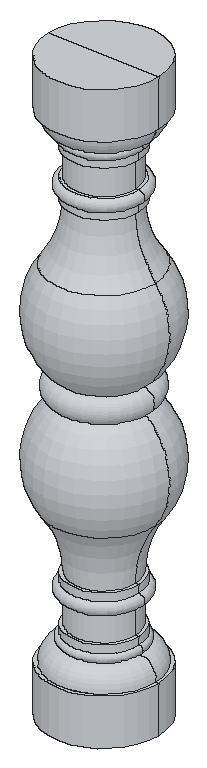
Revit family
Parameters (values of type "Balustrade J22")
  Width = 0' - 4 1/8"
  URL = "www.strombergarchitectural.com"
  Top Material = none
  Submittal Sheet = "www.strombergarchitectural.com/images/materials/gfrc/submittal/gfrc-submittal-sheet.pdf"
  Specifications = "www.strombergarchitectural.com/gfrcspecifications"
  Model Cut-sheet = "http://www.strombergarchitectural.com/products/balustrade/design/J22"
  Model = "Balustrade J22"
  Manufacturer = "Stromberg Architectural Products"
  Guidebook = "www.strombergarchitectural.com/images/materials/gfrc/handbooks/gfrc_guidebook.pdf   \r\n(http://www.strombergarchitectural.com/images/materials/gfrc/handbooks/gfrc_guidebook.pdf"
  Description = "GFRC Baluster"
  Assembly Code = ""
  Height = 1' - 10"
  XXX.5 = no
  XXX.4 = no
  XXX.3 = no
  XXX.2 = no
  XXX.1 = yes
Reference planes (in)
  plane 1 "Center (Front/Back)": y = 3.74847
  plane 2: z = 0
  plane 3 "Center (Left/Right)": x = 0.7278
  plane 4 "Front": y = -3.25153
  plane 5 "Back": y = 10.74847
  plane 6 "Left": x = -17.2722
  plane 7 "Right": x = 18.7278
Forms (in)
  Revolve 1, solid
    sketch origin (0, 3.74847, 0) x (1, 0, 0) y (0, 0, 1)
      loop
        line (0.7278, 22) -> (-1.3347, 22) -> (-1.3347, 20.26316) -> (-1.2097, 20.26316)
        spline (-1.2097, 20.26316) -> (-1.20435, 20.1687) -> (-1.1884, 20.07585) -> (-1.16212, 19.98622) -> (-1.12597, 19.90132) -> (-1.08055, 19.82261) -> (-1.02664, 19.75144) -> (-0.96518, 19.68902) -> (-0.8972, 19.63643) -> (-0.82388, 19.59456) -> (-0.74646, 19.56413) -> (-0.66628, 19.54566) -> (-0.5847, 19.53947)
        spline (-0.5847, 19.53947) -> (-0.61705, 19.53454) -> (-0.6472, 19.52008) -> (-0.67309, 19.49708) -> (-0.69295, 19.46711) -> (-0.70544, 19.4322) -> (-0.7097, 19.39474) -> (-0.70544, 19.35728) -> (-0.69295, 19.32237) -> (-0.67309, 19.29239) -> (-0.6472, 19.26939) -> (-0.61705, 19.25493) -> (-0.5847, 19.25)
        line (-0.5847, 19.25) -> (-0.5847, 18.96053) -> (-0.4597, 18.96053) -> (-0.4597, 17.94737) -> (-0.5847, 17.94737)
        spline (-0.5847, 17.94737) -> (-0.63323, 17.93997) -> (-0.67845, 17.91828) -> (-0.71728, 17.88378) -> (-0.74708, 17.83882) -> (-0.76581, 17.78645) -> (-0.7722, 17.73026) -> (-0.76581, 17.67407) -> (-0.74708, 17.62171) -> (-0.71728, 17.57675) -> (-0.67845, 17.54224) -> (-0.63323, 17.52056) -> (-0.5847, 17.51316)
        line (-0.5847, 17.51316) -> (-0.5847, 17.22368) -> (-0.4597, 17.22368)
        spline (-0.4597, 17.22368) -> (-0.46726, 17.0246) -> (-0.48533, 16.82643) -> (-0.51383, 16.62991) -> (-0.55265, 16.43577) -> (-0.60165, 16.24474) -> (-0.66065, 16.05754) -> (-0.72942, 15.87487) -> (-0.80772, 15.69741) -> (-0.89523, 15.52583) -> (-0.99165, 15.36077) -> (-1.0966, 15.20284) -> (-1.2097, 15.05263)
        spline (-1.2097, 15.05263) -> (-1.38813, 14.77692) -> (-1.53101, 14.47471) -> (-1.63545, 14.1521) -> (-1.69935, 13.8156) -> (-1.72142, 13.47202) -> (-1.7012, 13.12829) -> (-1.63912, 12.79134) -> (-1.53641, 12.46798) -> (-1.39516, 12.16474) -> (-1.21822, 11.88775) -> (-1.00916, 11.64259) -> (-0.7722, 11.43421)
        spline (-0.7722, 11.43421) -> (-0.86926, 11.41942) -> (-0.9597, 11.37604) -> (-1.03736, 11.30703) -> (-1.09696, 11.21711) -> (-1.13442, 11.11238) -> (-1.1472, 11) -> (-1.13442, 10.88762) -> (-1.09696, 10.78289) -> (-1.03736, 10.69297) -> (-0.9597, 10.62396) -> (-0.86926, 10.58058) -> (-0.7722, 10.56579)
        spline (-0.7722, 10.56579) -> (-1.00916, 10.35741) -> (-1.21822, 10.11225) -> (-1.39516, 9.83526) -> (-1.53641, 9.53202) -> (-1.63912, 9.20866) -> (-1.7012, 8.87171) -> (-1.72142, 8.52798) -> (-1.69935, 8.1844) -> (-1.63545, 7.8479) -> (-1.53101, 7.52529) -> (-1.38813, 7.22308) -> (-1.2097, 6.94737)
        spline (-1.2097, 6.94737) -> (-1.0966, 6.79716) -> (-0.99165, 6.63923) -> (-0.89523, 6.47417) -> (-0.80772, 6.30259) -> (-0.72942, 6.12513) -> (-0.66065, 5.94246) -> (-0.60165, 5.75526) -> (-0.55265, 5.56423) -> (-0.51383, 5.37009) -> (-0.48533, 5.17357) -> (-0.46726, 4.9754) -> (-0.4597, 4.77632)
        line (-0.4597, 4.77632) -> (-0.5847, 4.77632) -> (-0.5847, 4.48684)
        spline (-0.5847, 4.48684) -> (-0.63323, 4.47944) -> (-0.67845, 4.45776) -> (-0.71728, 4.42325) -> (-0.74708, 4.37829) -> (-0.76581, 4.32593) -> (-0.7722, 4.26974) -> (-0.76581, 4.21355) -> (-0.74708, 4.16118) -> (-0.71728, 4.11622) -> (-0.67845, 4.08172) -> (-0.63323, 4.06003) -> (-0.5847, 4.05263)
        line (-0.5847, 4.05263) -> (-0.4597, 4.05263) -> (-0.4597, 3.03947) -> (-0.5847, 3.03947) -> (-0.5847, 2.75)
        spline (-0.5847, 2.75) -> (-0.61705, 2.74507) -> (-0.6472, 2.73061) -> (-0.67309, 2.70761) -> (-0.69295, 2.67763) -> (-0.70544, 2.64272) -> (-0.7097, 2.60526) -> (-0.70544, 2.5678) -> (-0.69295, 2.53289) -> (-0.67309, 2.50292) -> (-0.6472, 2.47992) -> (-0.61705, 2.46546) -> (-0.5847, 2.46053)
        spline (-0.5847, 2.46053) -> (-0.66628, 2.45434) -> (-0.74646, 2.43587) -> (-0.82388, 2.40544) -> (-0.8972, 2.36357) -> (-0.96518, 2.31098) -> (-1.02664, 2.24856) -> (-1.08055, 2.17739) -> (-1.12597, 2.09868) -> (-1.16212, 2.01378) -> (-1.1884, 1.92415) -> (-1.20435, 1.8313) -> (-1.2097, 1.73684)
        line (-1.2097, 1.73684) -> (-1.3347, 1.73684) -> (-1.3347, 0) -> (0.7278, 0) -> (0.7278, 22)
      axis (0.7278, 22) -> (0.7278, 0)
    angle from 0 to 360
Dimensions and locks (in)
  aligned and locked: level to plane 2
